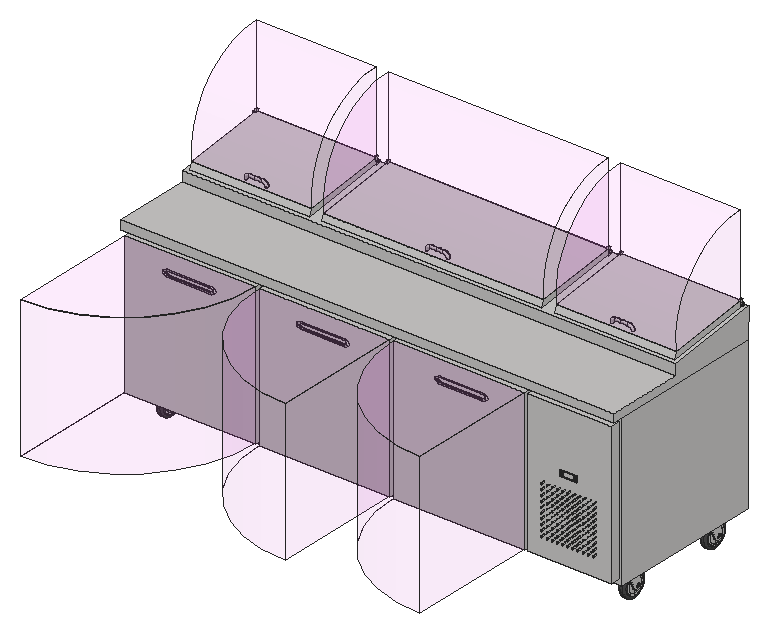
Revit family "QF_Kelvinator_738254_KCHPT92.12_3-Door_Pizza_Prep_Table_94_Long", category Specialty Equipment, Revit 2021
Family settings
  Round Connector Dimension = Use Diameter
  Part Type = Normal
  Work Plane-Based = No
  Always vertical = Yes
  Cut with Voids When Loaded = No
  Shared = No
  Room Calculation Point = No
Parameters
  Weight in Pounds = 350.535
  Watts = 900 W
  Volts = 115 V
  URL Cutsheet = ""
  Specification by User = ""
  Specification by Manufacturer = ""
  Serial Number = ""
  Seismic Rating = ""
  SMACNA No = ""
  Revision Code = ""
  Refrigerant Type = "R290"
  Phase = 1
  Number of Poles = 1
  NAFEM Spec ID Number = ""
  Model = "738254 (KCHPT92.12)"
  Min Ckt Ampacity = 0 A
  Max Overcurrent Protection = 0 A
  Masterspec = ""
  Manufacturer = "Kelvinator Commercial"
  Length = 94 3/16"
  Item Number = "738254"
  Installed By = ""
  Identify Quantity as Lot = yes
  Height = 41 5/16"
  HP = "3/4"
  Furnished By = ""
  Foodservice Equipment Identifier = yes
  FL Amps = 5.5 A
  Electrical Remarks = ""
  Electric Connection Type = ""
  Elec Conn RI Height = 0"
  Elec Conn Connection Height = 0"
  Description = "3-Door Pizza Prep Table 94\" Long"
  Depth = 32 1/4"
  Default Elevation = 0"
  Cycle = 60 Hz
  Conn Plug = "5-15P"
  Conn Conduit = yes
  CSI MasterFormat = ""
  Apparent Power = 0 VA
Reference planes (in)
  plane 1 "BACK": y = 0
  plane 2: z = 0
  plane 3 "LEFT": x = 0
  plane 4 "RIGHT": x = 94.1875
  plane 5 "FRONT": y = -32.25
  plane 6 "TOP": z = 41.3125
  plane 7 "Center Y": x = 47.09375
  plane 8 "Center X": y = -16.125
Dimensions and locks (in)
  equal spacing: plane 3 "LEFT", plane 7 "Center Y", plane 4 "RIGHT"
  "Length": plane 3 "LEFT" to plane 4 "RIGHT"
  equal spacing: plane 5 "FRONT", plane 8 "Center X", plane 1 "BACK"
  "Depth": plane 5 "FRONT" to plane 1 "BACK"
  "Height": plane 6 "TOP" to level
  aligned and locked: level to plane 2
Nested families (in)
  nested 1: "KCHPT" at (0, 0, 0), type "KCHPT"
    with Show Clearance yes
Connectors (in)
  electrical at (47.1, -1.18418, 4.62235), driven by "Volts", driven by "Watts"
    settings: on nested 1, index 1, voltage 115 V, apparent load 900 VA, apparent load phase1 0 VA, apparent load phase2 0 VA, apparent load phase3 0 VA, power factor 1, load classification "Power", number of poles 1, system type 30, power factor state 1, is connector primary yes, connector utility no, sub classification motor no, connector description "Electrical Connection"
Definition of nested family "KCHPT"
  Parameters (values of type "KCHPT")
    Weight in Pounds = 0
    URL Cutsheet = ""
    Specification by User = ""
    Specification by Manufacturer = ""
    Show Clearance [instance] = yes
    Serial Number = ""
    Seismic Rating = ""
    SMACNA No = ""
    Revision Code = ""
    NAFEM Spec ID Number = ""
    Masterspec = ""
    Length = 94.2"
    Item Number = ""
    Installed By = ""
    Identify Quantity as Lot = yes
    Height = 41.53333"
    Furnished By = ""
    Foodservice Equipment Identifier = yes
    Depth = 32 1/4"
    Default Elevation = 0"
    CSI MasterFormat = ""
  Reference planes (in)
    plane 1 "BACK": y = 0
    plane 2: z = 0
    plane 3 "LEFT": x = 0
    plane 4 "RIGHT": x = 94.2
    plane 5 "FRONT": y = -32.25
    plane 6 "TOP": z = 41.53333
    plane 7 "Center Y": x = 47.1
    plane 8 "Center X": y = -16.125
    plane 9: y = -58.9
    plane 10: y = -17.4
    plane 11: z = 34.33333
    plane 12: z = 6.03333
    plane 13: z = 40.23333
    plane 14: z = 35.93333
    plane 15: z = 5.5
    plane 16: z = 33.58333
    plane 17: z = 6.78333
    plane 18: x = 68.09284
    plane 19: x = 93.39466
    plane 20: x = 70.49466
    plane 21: x = 25.99284
    plane 22: x = 52.60858
  Forms (in)
    Extrusion 1, solid
      sketch origin (0, 0, 0) x (0, 1, 0) y (0, 0, 1)
        loop
          line (0, 34.33333) -> (-30.25, 34.33333) -> (-30.25, 5.5) -> (0, 5.5) -> (0, 34.33333)
      from 0 to 94.2
    Extrusion 2, solid
      sketch origin (0.375, -30.25, 34.33333) x (0, 0, -1) y (1, 0, 0)
        loop
          line (0.95244, 77.29608) -> (27.85244, 77.29608) -> (27.85244, 93.24803) -> (0.95244, 93.24803) -> (0.95244, 77.29608)
      from 0 to 1.75
    Extrusion 3, solid
      sketch origin (0, 0, 0) x (0, 1, 0) y (0, 0, 1)
        loop
          line (0, 34.33333) -> (0, 40.23333) -> (-17.4, 37.93333) -> (-17.4, 35.93333) -> (-32.25, 35.93333) -> (-32.25, 34.33333) -> (0, 34.33333)
      from 0 to 94.2
    Extrusion 4, solid
      sketch origin (0, 0, 0) x (0, 1, 0) y (0, 0, 1)
        loop
          line (-0.60032, 40.15398) -> (-0.73136, 41.14536) -> (-16.125, 39.11057) -> (-16.62626, 38.03561) -> (-0.60032, 40.15398)
      from 25.99284 to 68.09284
    Extrusion 5, solid
      sketch origin (0, 0, 0) x (0, 1, 0) y (0, 0, 1)
        loop
          line (-0.71931, 41.05415) -> (-0.60032, 40.15398) -> (-0.44954, 40.17391) -> (-0.54253, 40.87737) -> (-0.71931, 41.05415)
      from 26.13338 to 67.9523
    Extrusion 6, solid
      sketch origin (68.86933, 0.25217, 0) x (0, 1, 0) y (0, 0, -1)
        loop
          line (-0.97921, -41.1126) -> (-0.60032, -40.15398) -> (-1.09601, -40.08846) -> (-1.22705, -41.07984)
          arc (-1.22705, -41.07984) -> (-1.21835, -41.30726) -> (-1.19211, -41.53333) r 2.94324
          line (-1.19211, -41.53333) -> (-1.13256, -41.43019) -> (-0.8358, -41.46663) -> (-0.73405, -41.36488) -> (-0.8734, -41.28204) -> (-0.90687, -41.27307)
          arc (-0.90687, -41.27307) -> (-0.93228, -41.2584) -> (-0.94695, -41.23299) r 0.05668
          line (-0.94695, -41.23299) -> (-0.97921, -41.1126)
      from 0.63594 to 0.91702
    Revolve 7, solid
      sketch origin (22.03906, -0.77601, 40.03126) x (0, 0, -1) y (1, 0, 0)
        loop
          line (-0.77646, 46.18906) -> (-0.77646, 46.56896) -> (-0.92809, 46.56896) -> (-0.92809, 46.53329) -> (-0.97864, 46.53329) -> (-0.97864, 46.18906) -> (-0.77646, 46.18906)
        axis (-0.77646, 46.18906) -> (-0.77646, 46.56896)
      angle from 0 to 360
    Sweep 8, solid
      path origin (11.60551, -16.94992, 54.53737) x (0, 0.113722, -0.993513) y (1, 0, 0)
        loop
          line (15.52754, 33.40625) -> (15.34004, 33.40625)
          arc (15.34004, 33.40625) -> (14.80971, 33.62592) -> (14.59004, 34.15625) r 0.75
          line (14.59004, 34.15625) -> (14.59004, 35.40625) -> (14.59004, 36.65625)
          arc (14.59004, 36.65625) -> (14.80971, 37.18658) -> (15.34004, 37.40625) r 0.75
          line (15.34004, 37.40625) -> (15.52754, 37.40625)
      profile origin (47.63676, -15.29071, 40.04198) x (0, -0.113722, 0.993513) y (0, -0.993513, -0.113722)
        loop
          circle (0, 0) r 0.25
    Extrusion 9, solid
      sketch origin (13.68617, -32, 12.93481) x (-1, 0, 0) y (0, 0, 1)
        loop
          line (-70.18783, 9.70772) -> (-73.33743, 9.70772) -> (-73.33743, 8.52662) -> (-70.18783, 8.52662) -> (-70.18783, 9.70772)
        loop
          line (-70.26657, 9.63107) -> (-70.66027, 9.63107) -> (-70.66027, 9.31193) -> (-70.26657, 9.31193) -> (-70.26657, 9.63107)
        loop
          line (-70.26657, 9.27674) -> (-70.66027, 9.27674) -> (-70.66027, 8.9576) -> (-70.26657, 8.9576) -> (-70.26657, 9.27674)
        loop
          line (-70.26657, 8.92241) -> (-70.66027, 8.92241) -> (-70.66027, 8.60327) -> (-70.26657, 8.60327) -> (-70.26657, 8.92241)
        loop
          line (-73.25869, 9.63107) -> (-73.25869, 9.31193) -> (-72.86499, 9.31193) -> (-72.86499, 9.63107) -> (-73.25869, 9.63107)
        loop
          line (-73.25869, 9.27674) -> (-73.25869, 8.9576) -> (-72.86499, 8.9576) -> (-72.86499, 9.27674) -> (-73.25869, 9.27674)
        loop
          line (-73.25869, 8.92241) -> (-73.25869, 8.60327) -> (-72.86499, 8.60327) -> (-72.86499, 8.92241) -> (-73.25869, 8.92241)
        loop
          line (-70.73775, 9.63107) -> (-72.78751, 9.63107) -> (-72.78751, 8.60716) -> (-70.73775, 8.60716) -> (-70.73775, 9.63107)
      from 0.07874 to -0.04602
    Extrusion 10, solid
      sketch origin (13.68617, -32.04602, 12.93481) x (1, 0, 0) y (0, 0, 1)
        loop
          line (72.86499, 9.63107) -> (72.86499, 9.31193) -> (73.25869, 9.31193) -> (73.25869, 9.63107) -> (72.86499, 9.63107)
        loop
          line (72.86499, 9.27674) -> (72.86499, 8.9576) -> (73.25869, 8.9576) -> (73.25869, 9.27674) -> (72.86499, 9.27674)
        loop
          line (72.86499, 8.92241) -> (72.86499, 8.60327) -> (73.25869, 8.60327) -> (73.25869, 8.92241) -> (72.86499, 8.92241)
        loop
          line (70.66027, 9.63107) -> (70.26657, 9.63107) -> (70.26657, 9.31193) -> (70.66027, 9.31193) -> (70.66027, 9.63107)
        loop
          line (70.66027, 9.27674) -> (70.26657, 9.27674) -> (70.26657, 8.9576) -> (70.66027, 8.9576) -> (70.66027, 9.27674)
        loop
          line (70.66027, 8.92241) -> (70.26657, 8.92241) -> (70.26657, 8.60327) -> (70.66027, 8.60327) -> (70.66027, 8.92241)
      from 0 to -0.07874
    Extrusion 11, solid
      sketch origin (13.68617, -32.04602, 12.93481) x (1, 0, 0) y (0, 0, 1)
        loop
          line (70.73775, 9.63107) -> (70.73775, 8.60716) -> (72.78751, 8.60716) -> (72.78751, 9.63107) -> (70.73775, 9.63107)
      from 0 to -0.07874
    Extrusion 12, void
      sketch origin (13.68617, -32, 12.93481) x (-1, 0, 0) y (0, 0, 1)
        loop
          line (-70.18783, 9.70772) -> (-73.33743, 9.70772) -> (-73.33743, 8.52662) -> (-70.18783, 8.52662) -> (-70.18783, 9.70772)
      from 0 to 0.07874
    Extrusion 13, void
      sketch origin (0.375, -32, 34.33333) x (0, 0, 1) y (1, 0, 0)
        loop
          line (-24.3519, 79.87324) -> (-23.82157, 80.40357)
          arc (-23.82157, 80.40357) -> (-23.82157, 80.61159) -> (-24.02959, 80.61159) r 0.1471
          line (-24.02959, 80.61159) -> (-24.55992, 80.08126)
          arc (-24.55992, 80.08126) -> (-24.55992, 79.87324) -> (-24.3519, 79.87324) r 0.1471
        loop
          line (-24.3519, 80.87324) -> (-23.82157, 81.40357)
          arc (-23.82157, 81.40357) -> (-23.82157, 81.61159) -> (-24.02959, 81.61159) r 0.1471
          line (-24.02959, 81.61159) -> (-24.55992, 81.08126)
          arc (-24.55992, 81.08126) -> (-24.55992, 80.87324) -> (-24.3519, 80.87324) r 0.1471
        loop
          line (-24.3519, 81.87324) -> (-23.82157, 82.40357)
          arc (-23.82157, 82.40357) -> (-23.82157, 82.61159) -> (-24.02959, 82.61159) r 0.1471
          line (-24.02959, 82.61159) -> (-24.55992, 82.08126)
          arc (-24.55992, 82.08126) -> (-24.55992, 81.87324) -> (-24.3519, 81.87324) r 0.1471
        loop
          line (-24.3519, 82.84199) -> (-23.82157, 83.37232)
          arc (-23.82157, 83.37232) -> (-23.82157, 83.58034) -> (-24.02959, 83.58034) r 0.1471
          line (-24.02959, 83.58034) -> (-24.55992, 83.05001)
          arc (-24.55992, 83.05001) -> (-24.55992, 82.84199) -> (-24.3519, 82.84199) r 0.1471
        loop
          line (-24.3519, 83.81074) -> (-23.82157, 84.34107)
          arc (-23.82157, 84.34107) -> (-23.82157, 84.54909) -> (-24.02959, 84.54909) r 0.1471
          line (-24.02959, 84.54909) -> (-24.55992, 84.01876)
          arc (-24.55992, 84.01876) -> (-24.55992, 83.81074) -> (-24.3519, 83.81074) r 0.1471
        loop
          line (-24.3519, 84.81074) -> (-23.82157, 85.34107)
          arc (-23.82157, 85.34107) -> (-23.82157, 85.54909) -> (-24.02959, 85.54909) r 0.1471
          line (-24.02959, 85.54909) -> (-24.55992, 85.01876)
          arc (-24.55992, 85.01876) -> (-24.55992, 84.81074) -> (-24.3519, 84.81074) r 0.1471
        loop
          line (-24.3519, 85.81074) -> (-23.82157, 86.34107)
          arc (-23.82157, 86.34107) -> (-23.82157, 86.54909) -> (-24.02959, 86.54909) r 0.1471
          line (-24.02959, 86.54909) -> (-24.55992, 86.01876)
          arc (-24.55992, 86.01876) -> (-24.55992, 85.81074) -> (-24.3519, 85.81074) r 0.1471
        loop
          line (-24.3519, 86.77949) -> (-23.82157, 87.30982)
          arc (-23.82157, 87.30982) -> (-23.82157, 87.51784) -> (-24.02959, 87.51784) r 0.1471
          line (-24.02959, 87.51784) -> (-24.55992, 86.98751)
          arc (-24.55992, 86.98751) -> (-24.55992, 86.77949) -> (-24.3519, 86.77949) r 0.1471
        loop
          line (-24.3519, 87.77949) -> (-23.82157, 88.30982)
          arc (-23.82157, 88.30982) -> (-23.82157, 88.51784) -> (-24.02959, 88.51784) r 0.1471
          line (-24.02959, 88.51784) -> (-24.55992, 87.98751)
          arc (-24.55992, 87.98751) -> (-24.55992, 87.77949) -> (-24.3519, 87.77949) r 0.1471
        loop
          line (-24.3519, 88.77949) -> (-23.82157, 89.30982)
          arc (-23.82157, 89.30982) -> (-23.82157, 89.51784) -> (-24.02959, 89.51784) r 0.1471
          line (-24.02959, 89.51784) -> (-24.55992, 88.98751)
          arc (-24.55992, 88.98751) -> (-24.55992, 88.77949) -> (-24.3519, 88.77949) r 0.1471
        loop
          line (-24.3519, 89.77949) -> (-23.82157, 90.30982)
          arc (-23.82157, 90.30982) -> (-23.82157, 90.51784) -> (-24.02959, 90.51784) r 0.1471
          line (-24.02959, 90.51784) -> (-24.55992, 89.98751)
          arc (-24.55992, 89.98751) -> (-24.55992, 89.77949) -> (-24.3519, 89.77949) r 0.1471
        loop
          line (-23.3519, 79.87324) -> (-22.82157, 80.40357)
          arc (-22.82157, 80.40357) -> (-22.82157, 80.61159) -> (-23.02959, 80.61159) r 0.1471
          line (-23.02959, 80.61159) -> (-23.55992, 80.08126)
          arc (-23.55992, 80.08126) -> (-23.55992, 79.87324) -> (-23.3519, 79.87324) r 0.1471
        loop
          line (-23.3519, 80.87324) -> (-22.82157, 81.40357)
          arc (-22.82157, 81.40357) -> (-22.82157, 81.61159) -> (-23.02959, 81.61159) r 0.1471
          line (-23.02959, 81.61159) -> (-23.55992, 81.08126)
          arc (-23.55992, 81.08126) -> (-23.55992, 80.87324) -> (-23.3519, 80.87324) r 0.1471
        loop
          line (-23.3519, 81.87324) -> (-22.82157, 82.40357)
          arc (-22.82157, 82.40357) -> (-22.82157, 82.61159) -> (-23.02959, 82.61159) r 0.1471
          line (-23.02959, 82.61159) -> (-23.55992, 82.08126)
          arc (-23.55992, 82.08126) -> (-23.55992, 81.87324) -> (-23.3519, 81.87324) r 0.1471
        loop
          line (-23.3519, 82.84199) -> (-22.82157, 83.37232)
          arc (-22.82157, 83.37232) -> (-22.82157, 83.58034) -> (-23.02959, 83.58034) r 0.1471
          line (-23.02959, 83.58034) -> (-23.55992, 83.05001)
          arc (-23.55992, 83.05001) -> (-23.55992, 82.84199) -> (-23.3519, 82.84199) r 0.1471
        loop
          line (-23.3519, 83.81074) -> (-22.82157, 84.34107)
          arc (-22.82157, 84.34107) -> (-22.82157, 84.54909) -> (-23.02959, 84.54909) r 0.1471
          line (-23.02959, 84.54909) -> (-23.55992, 84.01876)
          arc (-23.55992, 84.01876) -> (-23.55992, 83.81074) -> (-23.3519, 83.81074) r 0.1471
        loop
          line (-23.3519, 84.81074) -> (-22.82157, 85.34107)
          arc (-22.82157, 85.34107) -> (-22.82157, 85.54909) -> (-23.02959, 85.54909) r 0.1471
          line (-23.02959, 85.54909) -> (-23.55992, 85.01876)
          arc (-23.55992, 85.01876) -> (-23.55992, 84.81074) -> (-23.3519, 84.81074) r 0.1471
        loop
          line (-23.3519, 85.81074) -> (-22.82157, 86.34107)
          arc (-22.82157, 86.34107) -> (-22.82157, 86.54909) -> (-23.02959, 86.54909) r 0.1471
          line (-23.02959, 86.54909) -> (-23.55992, 86.01876)
          arc (-23.55992, 86.01876) -> (-23.55992, 85.81074) -> (-23.3519, 85.81074) r 0.1471
        loop
          line (-23.3519, 86.77949) -> (-22.82157, 87.30982)
          arc (-22.82157, 87.30982) -> (-22.82157, 87.51784) -> (-23.02959, 87.51784) r 0.1471
          line (-23.02959, 87.51784) -> (-23.55992, 86.98751)
          arc (-23.55992, 86.98751) -> (-23.55992, 86.77949) -> (-23.3519, 86.77949) r 0.1471
        loop
          line (-23.3519, 87.77949) -> (-22.82157, 88.30982)
          arc (-22.82157, 88.30982) -> (-22.82157, 88.51784) -> (-23.02959, 88.51784) r 0.1471
          line (-23.02959, 88.51784) -> (-23.55992, 87.98751)
          arc (-23.55992, 87.98751) -> (-23.55992, 87.77949) -> (-23.3519, 87.77949) r 0.1471
        loop
          line (-23.3519, 88.77949) -> (-22.82157, 89.30982)
          arc (-22.82157, 89.30982) -> (-22.82157, 89.51784) -> (-23.02959, 89.51784) r 0.1471
          line (-23.02959, 89.51784) -> (-23.55992, 88.98751)
          arc (-23.55992, 88.98751) -> (-23.55992, 88.77949) -> (-23.3519, 88.77949) r 0.1471
        loop
          line (-23.3519, 89.77949) -> (-22.82157, 90.30982)
          arc (-22.82157, 90.30982) -> (-22.82157, 90.51784) -> (-23.02959, 90.51784) r 0.1471
          line (-23.02959, 90.51784) -> (-23.55992, 89.98751)
          arc (-23.55992, 89.98751) -> (-23.55992, 89.77949) -> (-23.3519, 89.77949) r 0.1471
        loop
          line (-22.3519, 79.87324) -> (-21.82157, 80.40357)
          arc (-21.82157, 80.40357) -> (-21.82157, 80.61159) -> (-22.02959, 80.61159) r 0.1471
          line (-22.02959, 80.61159) -> (-22.55992, 80.08126)
          arc (-22.55992, 80.08126) -> (-22.55992, 79.87324) -> (-22.3519, 79.87324) r 0.1471
        loop
          line (-22.3519, 80.87324) -> (-21.82157, 81.40357)
          arc (-21.82157, 81.40357) -> (-21.82157, 81.61159) -> (-22.02959, 81.61159) r 0.1471
          line (-22.02959, 81.61159) -> (-22.55992, 81.08126)
          arc (-22.55992, 81.08126) -> (-22.55992, 80.87324) -> (-22.3519, 80.87324) r 0.1471
        loop
          line (-22.3519, 81.87324) -> (-21.82157, 82.40357)
          arc (-21.82157, 82.40357) -> (-21.82157, 82.61159) -> (-22.02959, 82.61159) r 0.1471
          line (-22.02959, 82.61159) -> (-22.55992, 82.08126)
          arc (-22.55992, 82.08126) -> (-22.55992, 81.87324) -> (-22.3519, 81.87324) r 0.1471
        loop
          line (-22.3519, 82.84199) -> (-21.82157, 83.37232)
          arc (-21.82157, 83.37232) -> (-21.82157, 83.58034) -> (-22.02959, 83.58034) r 0.1471
          line (-22.02959, 83.58034) -> (-22.55992, 83.05001)
          arc (-22.55992, 83.05001) -> (-22.55992, 82.84199) -> (-22.3519, 82.84199) r 0.1471
        loop
          line (-22.3519, 83.81074) -> (-21.82157, 84.34107)
          arc (-21.82157, 84.34107) -> (-21.82157, 84.54909) -> (-22.02959, 84.54909) r 0.1471
          line (-22.02959, 84.54909) -> (-22.55992, 84.01876)
          arc (-22.55992, 84.01876) -> (-22.55992, 83.81074) -> (-22.3519, 83.81074) r 0.1471
        loop
          line (-22.3519, 84.81074) -> (-21.82157, 85.34107)
          arc (-21.82157, 85.34107) -> (-21.82157, 85.54909) -> (-22.02959, 85.54909) r 0.1471
          line (-22.02959, 85.54909) -> (-22.55992, 85.01876)
          arc (-22.55992, 85.01876) -> (-22.55992, 84.81074) -> (-22.3519, 84.81074) r 0.1471
        loop
          line (-22.3519, 85.81074) -> (-21.82157, 86.34107)
          arc (-21.82157, 86.34107) -> (-21.82157, 86.54909) -> (-22.02959, 86.54909) r 0.1471
          line (-22.02959, 86.54909) -> (-22.55992, 86.01876)
          arc (-22.55992, 86.01876) -> (-22.55992, 85.81074) -> (-22.3519, 85.81074) r 0.1471
        loop
          line (-22.3519, 86.77949) -> (-21.82157, 87.30982)
          arc (-21.82157, 87.30982) -> (-21.82157, 87.51784) -> (-22.02959, 87.51784) r 0.1471
          line (-22.02959, 87.51784) -> (-22.55992, 86.98751)
          arc (-22.55992, 86.98751) -> (-22.55992, 86.77949) -> (-22.3519, 86.77949) r 0.1471
        loop
          line (-22.3519, 87.77949) -> (-21.82157, 88.30982)
          arc (-21.82157, 88.30982) -> (-21.82157, 88.51784) -> (-22.02959, 88.51784) r 0.1471
          line (-22.02959, 88.51784) -> (-22.55992, 87.98751)
          arc (-22.55992, 87.98751) -> (-22.55992, 87.77949) -> (-22.3519, 87.77949) r 0.1471
        loop
          line (-22.3519, 88.77949) -> (-21.82157, 89.30982)
          arc (-21.82157, 89.30982) -> (-21.82157, 89.51784) -> (-22.02959, 89.51784) r 0.1471
          line (-22.02959, 89.51784) -> (-22.55992, 88.98751)
          arc (-22.55992, 88.98751) -> (-22.55992, 88.77949) -> (-22.3519, 88.77949) r 0.1471
        loop
          line (-22.3519, 89.77949) -> (-21.82157, 90.30982)
          arc (-21.82157, 90.30982) -> (-21.82157, 90.51784) -> (-22.02959, 90.51784) r 0.1471
          line (-22.02959, 90.51784) -> (-22.55992, 89.98751)
          arc (-22.55992, 89.98751) -> (-22.55992, 89.77949) -> (-22.3519, 89.77949) r 0.1471
        loop
          line (-21.3519, 79.87324) -> (-20.82157, 80.40357)
          arc (-20.82157, 80.40357) -> (-20.82157, 80.61159) -> (-21.02959, 80.61159) r 0.1471
          line (-21.02959, 80.61159) -> (-21.55992, 80.08126)
          arc (-21.55992, 80.08126) -> (-21.55992, 79.87324) -> (-21.3519, 79.87324) r 0.1471
        loop
          line (-21.3519, 80.87324) -> (-20.82157, 81.40357)
          arc (-20.82157, 81.40357) -> (-20.82157, 81.61159) -> (-21.02959, 81.61159) r 0.1471
          line (-21.02959, 81.61159) -> (-21.55992, 81.08126)
          arc (-21.55992, 81.08126) -> (-21.55992, 80.87324) -> (-21.3519, 80.87324) r 0.1471
        loop
          line (-21.3519, 81.87324) -> (-20.82157, 82.40357)
          arc (-20.82157, 82.40357) -> (-20.82157, 82.61159) -> (-21.02959, 82.61159) r 0.1471
          line (-21.02959, 82.61159) -> (-21.55992, 82.08126)
          arc (-21.55992, 82.08126) -> (-21.55992, 81.87324) -> (-21.3519, 81.87324) r 0.1471
        loop
          line (-21.3519, 82.84199) -> (-20.82157, 83.37232)
          arc (-20.82157, 83.37232) -> (-20.82157, 83.58034) -> (-21.02959, 83.58034) r 0.1471
          line (-21.02959, 83.58034) -> (-21.55992, 83.05001)
          arc (-21.55992, 83.05001) -> (-21.55992, 82.84199) -> (-21.3519, 82.84199) r 0.1471
        loop
          line (-21.3519, 83.81074) -> (-20.82157, 84.34107)
          arc (-20.82157, 84.34107) -> (-20.82157, 84.54909) -> (-21.02959, 84.54909) r 0.1471
          line (-21.02959, 84.54909) -> (-21.55992, 84.01876)
          arc (-21.55992, 84.01876) -> (-21.55992, 83.81074) -> (-21.3519, 83.81074) r 0.1471
        loop
          line (-21.3519, 84.81074) -> (-20.82157, 85.34107)
          arc (-20.82157, 85.34107) -> (-20.82157, 85.54909) -> (-21.02959, 85.54909) r 0.1471
          line (-21.02959, 85.54909) -> (-21.55992, 85.01876)
          arc (-21.55992, 85.01876) -> (-21.55992, 84.81074) -> (-21.3519, 84.81074) r 0.1471
        loop
          line (-21.3519, 85.81074) -> (-20.82157, 86.34107)
          arc (-20.82157, 86.34107) -> (-20.82157, 86.54909) -> (-21.02959, 86.54909) r 0.1471
          line (-21.02959, 86.54909) -> (-21.55992, 86.01876)
          arc (-21.55992, 86.01876) -> (-21.55992, 85.81074) -> (-21.3519, 85.81074) r 0.1471
        loop
          line (-21.3519, 86.77949) -> (-20.82157, 87.30982)
          arc (-20.82157, 87.30982) -> (-20.82157, 87.51784) -> (-21.02959, 87.51784) r 0.1471
          line (-21.02959, 87.51784) -> (-21.55992, 86.98751)
          arc (-21.55992, 86.98751) -> (-21.55992, 86.77949) -> (-21.3519, 86.77949) r 0.1471
        loop
          line (-21.3519, 87.77949) -> (-20.82157, 88.30982)
          arc (-20.82157, 88.30982) -> (-20.82157, 88.51784) -> (-21.02959, 88.51784) r 0.1471
          line (-21.02959, 88.51784) -> (-21.55992, 87.98751)
          arc (-21.55992, 87.98751) -> (-21.55992, 87.77949) -> (-21.3519, 87.77949) r 0.1471
        loop
          line (-21.3519, 88.77949) -> (-20.82157, 89.30982)
          arc (-20.82157, 89.30982) -> (-20.82157, 89.51784) -> (-21.02959, 89.51784) r 0.1471
          line (-21.02959, 89.51784) -> (-21.55992, 88.98751)
          arc (-21.55992, 88.98751) -> (-21.55992, 88.77949) -> (-21.3519, 88.77949) r 0.1471
        loop
          line (-21.3519, 89.77949) -> (-20.82157, 90.30982)
          arc (-20.82157, 90.30982) -> (-20.82157, 90.51784) -> (-21.02959, 90.51784) r 0.1471
          line (-21.02959, 90.51784) -> (-21.55992, 89.98751)
          arc (-21.55992, 89.98751) -> (-21.55992, 89.77949) -> (-21.3519, 89.77949) r 0.1471
        loop
          line (-20.3519, 79.87324) -> (-19.82157, 80.40357)
          arc (-19.82157, 80.40357) -> (-19.82157, 80.61159) -> (-20.02959, 80.61159) r 0.1471
          line (-20.02959, 80.61159) -> (-20.55992, 80.08126)
          arc (-20.55992, 80.08126) -> (-20.55992, 79.87324) -> (-20.3519, 79.87324) r 0.1471
        loop
          line (-20.3519, 80.87324) -> (-19.82157, 81.40357)
          arc (-19.82157, 81.40357) -> (-19.82157, 81.61159) -> (-20.02959, 81.61159) r 0.1471
          line (-20.02959, 81.61159) -> (-20.55992, 81.08126)
          arc (-20.55992, 81.08126) -> (-20.55992, 80.87324) -> (-20.3519, 80.87324) r 0.1471
        loop
          line (-20.3519, 81.87324) -> (-19.82157, 82.40357)
          arc (-19.82157, 82.40357) -> (-19.82157, 82.61159) -> (-20.02959, 82.61159) r 0.1471
          line (-20.02959, 82.61159) -> (-20.55992, 82.08126)
          arc (-20.55992, 82.08126) -> (-20.55992, 81.87324) -> (-20.3519, 81.87324) r 0.1471
        loop
          line (-20.3519, 82.84199) -> (-19.82157, 83.37232)
          arc (-19.82157, 83.37232) -> (-19.82157, 83.58034) -> (-20.02959, 83.58034) r 0.1471
          line (-20.02959, 83.58034) -> (-20.55992, 83.05001)
          arc (-20.55992, 83.05001) -> (-20.55992, 82.84199) -> (-20.3519, 82.84199) r 0.1471
        loop
          line (-20.3519, 83.81074) -> (-19.82157, 84.34107)
          arc (-19.82157, 84.34107) -> (-19.82157, 84.54909) -> (-20.02959, 84.54909) r 0.1471
          line (-20.02959, 84.54909) -> (-20.55992, 84.01876)
          arc (-20.55992, 84.01876) -> (-20.55992, 83.81074) -> (-20.3519, 83.81074) r 0.1471
        loop
          line (-20.3519, 84.81074) -> (-19.82157, 85.34107)
          arc (-19.82157, 85.34107) -> (-19.82157, 85.54909) -> (-20.02959, 85.54909) r 0.1471
          line (-20.02959, 85.54909) -> (-20.55992, 85.01876)
          arc (-20.55992, 85.01876) -> (-20.55992, 84.81074) -> (-20.3519, 84.81074) r 0.1471
        loop
          line (-20.3519, 85.81074) -> (-19.82157, 86.34107)
          arc (-19.82157, 86.34107) -> (-19.82157, 86.54909) -> (-20.02959, 86.54909) r 0.1471
          line (-20.02959, 86.54909) -> (-20.55992, 86.01876)
          arc (-20.55992, 86.01876) -> (-20.55992, 85.81074) -> (-20.3519, 85.81074) r 0.1471
        loop
          line (-20.3519, 86.77949) -> (-19.82157, 87.30982)
          arc (-19.82157, 87.30982) -> (-19.82157, 87.51784) -> (-20.02959, 87.51784) r 0.1471
          line (-20.02959, 87.51784) -> (-20.55992, 86.98751)
          arc (-20.55992, 86.98751) -> (-20.55992, 86.77949) -> (-20.3519, 86.77949) r 0.1471
        loop
          line (-20.3519, 87.77949) -> (-19.82157, 88.30982)
          arc (-19.82157, 88.30982) -> (-19.82157, 88.51784) -> (-20.02959, 88.51784) r 0.1471
          line (-20.02959, 88.51784) -> (-20.55992, 87.98751)
          arc (-20.55992, 87.98751) -> (-20.55992, 87.77949) -> (-20.3519, 87.77949) r 0.1471
        loop
          line (-20.3519, 88.77949) -> (-19.82157, 89.30982)
          arc (-19.82157, 89.30982) -> (-19.82157, 89.51784) -> (-20.02959, 89.51784) r 0.1471
          line (-20.02959, 89.51784) -> (-20.55992, 88.98751)
          arc (-20.55992, 88.98751) -> (-20.55992, 88.77949) -> (-20.3519, 88.77949) r 0.1471
        loop
          line (-20.3519, 89.77949) -> (-19.82157, 90.30982)
          arc (-19.82157, 90.30982) -> (-19.82157, 90.51784) -> (-20.02959, 90.51784) r 0.1471
          line (-20.02959, 90.51784) -> (-20.55992, 89.98751)
          arc (-20.55992, 89.98751) -> (-20.55992, 89.77949) -> (-20.3519, 89.77949) r 0.1471
        loop
          line (-19.3519, 79.87324) -> (-18.82157, 80.40357)
          arc (-18.82157, 80.40357) -> (-18.82157, 80.61159) -> (-19.02959, 80.61159) r 0.1471
          line (-19.02959, 80.61159) -> (-19.55992, 80.08126)
          arc (-19.55992, 80.08126) -> (-19.55992, 79.87324) -> (-19.3519, 79.87324) r 0.1471
        loop
          line (-19.3519, 80.87324) -> (-18.82157, 81.40357)
          arc (-18.82157, 81.40357) -> (-18.82157, 81.61159) -> (-19.02959, 81.61159) r 0.1471
          line (-19.02959, 81.61159) -> (-19.55992, 81.08126)
          arc (-19.55992, 81.08126) -> (-19.55992, 80.87324) -> (-19.3519, 80.87324) r 0.1471
        loop
          line (-19.3519, 81.87324) -> (-18.82157, 82.40357)
          arc (-18.82157, 82.40357) -> (-18.82157, 82.61159) -> (-19.02959, 82.61159) r 0.1471
          line (-19.02959, 82.61159) -> (-19.55992, 82.08126)
          arc (-19.55992, 82.08126) -> (-19.55992, 81.87324) -> (-19.3519, 81.87324) r 0.1471
        loop
          line (-19.3519, 82.84199) -> (-18.82157, 83.37232)
          arc (-18.82157, 83.37232) -> (-18.82157, 83.58034) -> (-19.02959, 83.58034) r 0.1471
          line (-19.02959, 83.58034) -> (-19.55992, 83.05001)
          arc (-19.55992, 83.05001) -> (-19.55992, 82.84199) -> (-19.3519, 82.84199) r 0.1471
        loop
          line (-19.3519, 83.81074) -> (-18.82157, 84.34107)
          arc (-18.82157, 84.34107) -> (-18.82157, 84.54909) -> (-19.02959, 84.54909) r 0.1471
          line (-19.02959, 84.54909) -> (-19.55992, 84.01876)
          arc (-19.55992, 84.01876) -> (-19.55992, 83.81074) -> (-19.3519, 83.81074) r 0.1471
        loop
          line (-19.3519, 84.81074) -> (-18.82157, 85.34107)
          arc (-18.82157, 85.34107) -> (-18.82157, 85.54909) -> (-19.02959, 85.54909) r 0.1471
          line (-19.02959, 85.54909) -> (-19.55992, 85.01876)
          arc (-19.55992, 85.01876) -> (-19.55992, 84.81074) -> (-19.3519, 84.81074) r 0.1471
        loop
          line (-19.3519, 85.81074) -> (-18.82157, 86.34107)
          arc (-18.82157, 86.34107) -> (-18.82157, 86.54909) -> (-19.02959, 86.54909) r 0.1471
          line (-19.02959, 86.54909) -> (-19.55992, 86.01876)
          arc (-19.55992, 86.01876) -> (-19.55992, 85.81074) -> (-19.3519, 85.81074) r 0.1471
        loop
          line (-19.3519, 86.77949) -> (-18.82157, 87.30982)
          arc (-18.82157, 87.30982) -> (-18.82157, 87.51784) -> (-19.02959, 87.51784) r 0.1471
          line (-19.02959, 87.51784) -> (-19.55992, 86.98751)
          arc (-19.55992, 86.98751) -> (-19.55992, 86.77949) -> (-19.3519, 86.77949) r 0.1471
        loop
          line (-19.3519, 87.77949) -> (-18.82157, 88.30982)
          arc (-18.82157, 88.30982) -> (-18.82157, 88.51784) -> (-19.02959, 88.51784) r 0.1471
          line (-19.02959, 88.51784) -> (-19.55992, 87.98751)
          arc (-19.55992, 87.98751) -> (-19.55992, 87.77949) -> (-19.3519, 87.77949) r 0.1471
        loop
          line (-19.3519, 88.77949) -> (-18.82157, 89.30982)
          arc (-18.82157, 89.30982) -> (-18.82157, 89.51784) -> (-19.02959, 89.51784) r 0.1471
          line (-19.02959, 89.51784) -> (-19.55992, 88.98751)
          arc (-19.55992, 88.98751) -> (-19.55992, 88.77949) -> (-19.3519, 88.77949) r 0.1471
        loop
          line (-19.3519, 89.77949) -> (-18.82157, 90.30982)
          arc (-18.82157, 90.30982) -> (-18.82157, 90.51784) -> (-19.02959, 90.51784) r 0.1471
          line (-19.02959, 90.51784) -> (-19.55992, 89.98751)
          arc (-19.55992, 89.98751) -> (-19.55992, 89.77949) -> (-19.3519, 89.77949) r 0.1471
        loop
          line (-18.3519, 79.87324) -> (-17.82157, 80.40357)
          arc (-17.82157, 80.40357) -> (-17.82157, 80.61159) -> (-18.02959, 80.61159) r 0.1471
          line (-18.02959, 80.61159) -> (-18.55992, 80.08126)
          arc (-18.55992, 80.08126) -> (-18.55992, 79.87324) -> (-18.3519, 79.87324) r 0.1471
        loop
          line (-18.3519, 80.87324) -> (-17.82157, 81.40357)
          arc (-17.82157, 81.40357) -> (-17.82157, 81.61159) -> (-18.02959, 81.61159) r 0.1471
          line (-18.02959, 81.61159) -> (-18.55992, 81.08126)
          arc (-18.55992, 81.08126) -> (-18.55992, 80.87324) -> (-18.3519, 80.87324) r 0.1471
        loop
          line (-18.3519, 81.87324) -> (-17.82157, 82.40357)
          arc (-17.82157, 82.40357) -> (-17.82157, 82.61159) -> (-18.02959, 82.61159) r 0.1471
          line (-18.02959, 82.61159) -> (-18.55992, 82.08126)
          arc (-18.55992, 82.08126) -> (-18.55992, 81.87324) -> (-18.3519, 81.87324) r 0.1471
        loop
          line (-18.3519, 82.84199) -> (-17.82157, 83.37232)
          arc (-17.82157, 83.37232) -> (-17.82157, 83.58034) -> (-18.02959, 83.58034) r 0.1471
          line (-18.02959, 83.58034) -> (-18.55992, 83.05001)
          arc (-18.55992, 83.05001) -> (-18.55992, 82.84199) -> (-18.3519, 82.84199) r 0.1471
        loop
          line (-18.3519, 83.81074) -> (-17.82157, 84.34107)
          arc (-17.82157, 84.34107) -> (-17.82157, 84.54909) -> (-18.02959, 84.54909) r 0.1471
          line (-18.02959, 84.54909) -> (-18.55992, 84.01876)
          arc (-18.55992, 84.01876) -> (-18.55992, 83.81074) -> (-18.3519, 83.81074) r 0.1471
        loop
          line (-18.3519, 84.81074) -> (-17.82157, 85.34107)
          arc (-17.82157, 85.34107) -> (-17.82157, 85.54909) -> (-18.02959, 85.54909) r 0.1471
          line (-18.02959, 85.54909) -> (-18.55992, 85.01876)
          arc (-18.55992, 85.01876) -> (-18.55992, 84.81074) -> (-18.3519, 84.81074) r 0.1471
        loop
          line (-18.3519, 85.81074) -> (-17.82157, 86.34107)
          arc (-17.82157, 86.34107) -> (-17.82157, 86.54909) -> (-18.02959, 86.54909) r 0.1471
          line (-18.02959, 86.54909) -> (-18.55992, 86.01876)
          arc (-18.55992, 86.01876) -> (-18.55992, 85.81074) -> (-18.3519, 85.81074) r 0.1471
        loop
          line (-18.3519, 86.77949) -> (-17.82157, 87.30982)
          arc (-17.82157, 87.30982) -> (-17.82157, 87.51784) -> (-18.02959, 87.51784) r 0.1471
          line (-18.02959, 87.51784) -> (-18.55992, 86.98751)
          arc (-18.55992, 86.98751) -> (-18.55992, 86.77949) -> (-18.3519, 86.77949) r 0.1471
        loop
          line (-18.3519, 87.77949) -> (-17.82157, 88.30982)
          arc (-17.82157, 88.30982) -> (-17.82157, 88.51784) -> (-18.02959, 88.51784) r 0.1471
          line (-18.02959, 88.51784) -> (-18.55992, 87.98751)
          arc (-18.55992, 87.98751) -> (-18.55992, 87.77949) -> (-18.3519, 87.77949) r 0.1471
        loop
          line (-18.3519, 88.77949) -> (-17.82157, 89.30982)
          arc (-17.82157, 89.30982) -> (-17.82157, 89.51784) -> (-18.02959, 89.51784) r 0.1471
          line (-18.02959, 89.51784) -> (-18.55992, 88.98751)
          arc (-18.55992, 88.98751) -> (-18.55992, 88.77949) -> (-18.3519, 88.77949) r 0.1471
        loop
          line (-18.3519, 89.77949) -> (-17.82157, 90.30982)
          arc (-17.82157, 90.30982) -> (-17.82157, 90.51784) -> (-18.02959, 90.51784) r 0.1471
          line (-18.02959, 90.51784) -> (-18.55992, 89.98751)
          arc (-18.55992, 89.98751) -> (-18.55992, 89.77949) -> (-18.3519, 89.77949) r 0.1471
        loop
          line (-17.3519, 79.87324) -> (-16.82157, 80.40357)
          arc (-16.82157, 80.40357) -> (-16.82157, 80.61159) -> (-17.02959, 80.61159) r 0.1471
          line (-17.02959, 80.61159) -> (-17.55992, 80.08126)
          arc (-17.55992, 80.08126) -> (-17.55992, 79.87324) -> (-17.3519, 79.87324) r 0.1471
        loop
          line (-17.3519, 80.87324) -> (-16.82157, 81.40357)
          arc (-16.82157, 81.40357) -> (-16.82157, 81.61159) -> (-17.02959, 81.61159) r 0.1471
          line (-17.02959, 81.61159) -> (-17.55992, 81.08126)
          arc (-17.55992, 81.08126) -> (-17.55992, 80.87324) -> (-17.3519, 80.87324) r 0.1471
        loop
          line (-17.3519, 81.87324) -> (-16.82157, 82.40357)
          arc (-16.82157, 82.40357) -> (-16.82157, 82.61159) -> (-17.02959, 82.61159) r 0.1471
          line (-17.02959, 82.61159) -> (-17.55992, 82.08126)
          arc (-17.55992, 82.08126) -> (-17.55992, 81.87324) -> (-17.3519, 81.87324) r 0.1471
        loop
          line (-17.3519, 82.84199) -> (-16.82157, 83.37232)
          arc (-16.82157, 83.37232) -> (-16.82157, 83.58034) -> (-17.02959, 83.58034) r 0.1471
          line (-17.02959, 83.58034) -> (-17.55992, 83.05001)
          arc (-17.55992, 83.05001) -> (-17.55992, 82.84199) -> (-17.3519, 82.84199) r 0.1471
        loop
          line (-17.3519, 83.81074) -> (-16.82157, 84.34107)
          arc (-16.82157, 84.34107) -> (-16.82157, 84.54909) -> (-17.02959, 84.54909) r 0.1471
          line (-17.02959, 84.54909) -> (-17.55992, 84.01876)
          arc (-17.55992, 84.01876) -> (-17.55992, 83.81074) -> (-17.3519, 83.81074) r 0.1471
        loop
          line (-17.3519, 84.81074) -> (-16.82157, 85.34107)
          arc (-16.82157, 85.34107) -> (-16.82157, 85.54909) -> (-17.02959, 85.54909) r 0.1471
          line (-17.02959, 85.54909) -> (-17.55992, 85.01876)
          arc (-17.55992, 85.01876) -> (-17.55992, 84.81074) -> (-17.3519, 84.81074) r 0.1471
        loop
          line (-17.3519, 85.81074) -> (-16.82157, 86.34107)
          arc (-16.82157, 86.34107) -> (-16.82157, 86.54909) -> (-17.02959, 86.54909) r 0.1471
          line (-17.02959, 86.54909) -> (-17.55992, 86.01876)
          arc (-17.55992, 86.01876) -> (-17.55992, 85.81074) -> (-17.3519, 85.81074) r 0.1471
        loop
          line (-17.3519, 86.77949) -> (-16.82157, 87.30982)
          arc (-16.82157, 87.30982) -> (-16.82157, 87.51784) -> (-17.02959, 87.51784) r 0.1471
          line (-17.02959, 87.51784) -> (-17.55992, 86.98751)
          arc (-17.55992, 86.98751) -> (-17.55992, 86.77949) -> (-17.3519, 86.77949) r 0.1471
        loop
          line (-17.3519, 87.77949) -> (-16.82157, 88.30982)
          arc (-16.82157, 88.30982) -> (-16.82157, 88.51784) -> (-17.02959, 88.51784) r 0.1471
          line (-17.02959, 88.51784) -> (-17.55992, 87.98751)
          arc (-17.55992, 87.98751) -> (-17.55992, 87.77949) -> (-17.3519, 87.77949) r 0.1471
        loop
          line (-17.3519, 88.77949) -> (-16.82157, 89.30982)
          arc (-16.82157, 89.30982) -> (-16.82157, 89.51784) -> (-17.02959, 89.51784) r 0.1471
          line (-17.02959, 89.51784) -> (-17.55992, 88.98751)
          arc (-17.55992, 88.98751) -> (-17.55992, 88.77949) -> (-17.3519, 88.77949) r 0.1471
        loop
          line (-17.3519, 89.77949) -> (-16.82157, 90.30982)
          arc (-16.82157, 90.30982) -> (-16.82157, 90.51784) -> (-17.02959, 90.51784) r 0.1471
          line (-17.02959, 90.51784) -> (-17.55992, 89.98751)
          arc (-17.55992, 89.98751) -> (-17.55992, 89.77949) -> (-17.3519, 89.77949) r 0.1471
        loop
          line (-16.3519, 79.87324) -> (-15.82157, 80.40357)
          arc (-15.82157, 80.40357) -> (-15.82157, 80.61159) -> (-16.02959, 80.61159) r 0.1471
          line (-16.02959, 80.61159) -> (-16.55992, 80.08126)
          arc (-16.55992, 80.08126) -> (-16.55992, 79.87324) -> (-16.3519, 79.87324) r 0.1471
        loop
          line (-16.3519, 80.87324) -> (-15.82157, 81.40357)
          arc (-15.82157, 81.40357) -> (-15.82157, 81.61159) -> (-16.02959, 81.61159) r 0.1471
          line (-16.02959, 81.61159) -> (-16.55992, 81.08126)
          arc (-16.55992, 81.08126) -> (-16.55992, 80.87324) -> (-16.3519, 80.87324) r 0.1471
        loop
          line (-16.3519, 81.87324) -> (-15.82157, 82.40357)
          arc (-15.82157, 82.40357) -> (-15.82157, 82.61159) -> (-16.02959, 82.61159) r 0.1471
          line (-16.02959, 82.61159) -> (-16.55992, 82.08126)
          arc (-16.55992, 82.08126) -> (-16.55992, 81.87324) -> (-16.3519, 81.87324) r 0.1471
        loop
          line (-16.3519, 82.84199) -> (-15.82157, 83.37232)
          arc (-15.82157, 83.37232) -> (-15.82157, 83.58034) -> (-16.02959, 83.58034) r 0.1471
          line (-16.02959, 83.58034) -> (-16.55992, 83.05001)
          arc (-16.55992, 83.05001) -> (-16.55992, 82.84199) -> (-16.3519, 82.84199) r 0.1471
        loop
          line (-16.3519, 83.81074) -> (-15.82157, 84.34107)
          arc (-15.82157, 84.34107) -> (-15.82157, 84.54909) -> (-16.02959, 84.54909) r 0.1471
          line (-16.02959, 84.54909) -> (-16.55992, 84.01876)
          arc (-16.55992, 84.01876) -> (-16.55992, 83.81074) -> (-16.3519, 83.81074) r 0.1471
        loop
          line (-16.3519, 84.81074) -> (-15.82157, 85.34107)
          arc (-15.82157, 85.34107) -> (-15.82157, 85.54909) -> (-16.02959, 85.54909) r 0.1471
          line (-16.02959, 85.54909) -> (-16.55992, 85.01876)
          arc (-16.55992, 85.01876) -> (-16.55992, 84.81074) -> (-16.3519, 84.81074) r 0.1471
        loop
          line (-16.3519, 85.81074) -> (-15.82157, 86.34107)
          arc (-15.82157, 86.34107) -> (-15.82157, 86.54909) -> (-16.02959, 86.54909) r 0.1471
          line (-16.02959, 86.54909) -> (-16.55992, 86.01876)
          arc (-16.55992, 86.01876) -> (-16.55992, 85.81074) -> (-16.3519, 85.81074) r 0.1471
        loop
          line (-16.3519, 86.77949) -> (-15.82157, 87.30982)
          arc (-15.82157, 87.30982) -> (-15.82157, 87.51784) -> (-16.02959, 87.51784) r 0.1471
          line (-16.02959, 87.51784) -> (-16.55992, 86.98751)
          arc (-16.55992, 86.98751) -> (-16.55992, 86.77949) -> (-16.3519, 86.77949) r 0.1471
        loop
          line (-16.3519, 87.77949) -> (-15.82157, 88.30982)
          arc (-15.82157, 88.30982) -> (-15.82157, 88.51784) -> (-16.02959, 88.51784) r 0.1471
          line (-16.02959, 88.51784) -> (-16.55992, 87.98751)
          arc (-16.55992, 87.98751) -> (-16.55992, 87.77949) -> (-16.3519, 87.77949) r 0.1471
        loop
          line (-16.3519, 88.77949) -> (-15.82157, 89.30982)
          arc (-15.82157, 89.30982) -> (-15.82157, 89.51784) -> (-16.02959, 89.51784) r 0.1471
          line (-16.02959, 89.51784) -> (-16.55992, 88.98751)
          arc (-16.55992, 88.98751) -> (-16.55992, 88.77949) -> (-16.3519, 88.77949) r 0.1471
        loop
          line (-16.3519, 89.77949) -> (-15.82157, 90.30982)
          arc (-15.82157, 90.30982) -> (-15.82157, 90.51784) -> (-16.02959, 90.51784) r 0.1471
          line (-16.02959, 90.51784) -> (-16.55992, 89.98751)
          arc (-16.55992, 89.98751) -> (-16.55992, 89.77949) -> (-16.3519, 89.77949) r 0.1471
        loop
          line (-15.3519, 79.87324) -> (-14.82157, 80.40357)
          arc (-14.82157, 80.40357) -> (-14.82157, 80.61159) -> (-15.02959, 80.61159) r 0.1471
          line (-15.02959, 80.61159) -> (-15.55992, 80.08126)
          arc (-15.55992, 80.08126) -> (-15.55992, 79.87324) -> (-15.3519, 79.87324) r 0.1471
        loop
          line (-15.3519, 80.87324) -> (-14.82157, 81.40357)
          arc (-14.82157, 81.40357) -> (-14.82157, 81.61159) -> (-15.02959, 81.61159) r 0.1471
          line (-15.02959, 81.61159) -> (-15.55992, 81.08126)
          arc (-15.55992, 81.08126) -> (-15.55992, 80.87324) -> (-15.3519, 80.87324) r 0.1471
        loop
          line (-15.3519, 81.87324) -> (-14.82157, 82.40357)
          arc (-14.82157, 82.40357) -> (-14.82157, 82.61159) -> (-15.02959, 82.61159) r 0.1471
          line (-15.02959, 82.61159) -> (-15.55992, 82.08126)
          arc (-15.55992, 82.08126) -> (-15.55992, 81.87324) -> (-15.3519, 81.87324) r 0.1471
        loop
          line (-15.3519, 82.84199) -> (-14.82157, 83.37232)
          arc (-14.82157, 83.37232) -> (-14.82157, 83.58034) -> (-15.02959, 83.58034) r 0.1471
          line (-15.02959, 83.58034) -> (-15.55992, 83.05001)
          arc (-15.55992, 83.05001) -> (-15.55992, 82.84199) -> (-15.3519, 82.84199) r 0.1471
        loop
          line (-15.3519, 83.81074) -> (-14.82157, 84.34107)
          arc (-14.82157, 84.34107) -> (-14.82157, 84.54909) -> (-15.02959, 84.54909) r 0.1471
          line (-15.02959, 84.54909) -> (-15.55992, 84.01876)
          arc (-15.55992, 84.01876) -> (-15.55992, 83.81074) -> (-15.3519, 83.81074) r 0.1471
        loop
          line (-15.3519, 84.81074) -> (-14.82157, 85.34107)
          arc (-14.82157, 85.34107) -> (-14.82157, 85.54909) -> (-15.02959, 85.54909) r 0.1471
          line (-15.02959, 85.54909) -> (-15.55992, 85.01876)
          arc (-15.55992, 85.01876) -> (-15.55992, 84.81074) -> (-15.3519, 84.81074) r 0.1471
        loop
          line (-15.3519, 85.81074) -> (-14.82157, 86.34107)
          arc (-14.82157, 86.34107) -> (-14.82157, 86.54909) -> (-15.02959, 86.54909) r 0.1471
          line (-15.02959, 86.54909) -> (-15.55992, 86.01876)
          arc (-15.55992, 86.01876) -> (-15.55992, 85.81074) -> (-15.3519, 85.81074) r 0.1471
        loop
          line (-15.3519, 86.77949) -> (-14.82157, 87.30982)
          arc (-14.82157, 87.30982) -> (-14.82157, 87.51784) -> (-15.02959, 87.51784) r 0.1471
          line (-15.02959, 87.51784) -> (-15.55992, 86.98751)
          arc (-15.55992, 86.98751) -> (-15.55992, 86.77949) -> (-15.3519, 86.77949) r 0.1471
        loop
          line (-15.3519, 87.77949) -> (-14.82157, 88.30982)
          arc (-14.82157, 88.30982) -> (-14.82157, 88.51784) -> (-15.02959, 88.51784) r 0.1471
          line (-15.02959, 88.51784) -> (-15.55992, 87.98751)
          arc (-15.55992, 87.98751) -> (-15.55992, 87.77949) -> (-15.3519, 87.77949) r 0.1471
        loop
          line (-15.3519, 88.77949) -> (-14.82157, 89.30982)
          arc (-14.82157, 89.30982) -> (-14.82157, 89.51784) -> (-15.02959, 89.51784) r 0.1471
          line (-15.02959, 89.51784) -> (-15.55992, 88.98751)
          arc (-15.55992, 88.98751) -> (-15.55992, 88.77949) -> (-15.3519, 88.77949) r 0.1471
        loop
          line (-15.3519, 89.77949) -> (-14.82157, 90.30982)
          arc (-14.82157, 90.30982) -> (-14.82157, 90.51784) -> (-15.02959, 90.51784) r 0.1471
          line (-15.02959, 90.51784) -> (-15.55992, 89.98751)
          arc (-15.55992, 89.98751) -> (-15.55992, 89.77949) -> (-15.3519, 89.77949) r 0.1471
      from 0 to 0.03
    Extrusion 14, solid
      sketch origin (-23.4125, 0, 5.5) x (-1, 0, 0) y (0, 1, 0)
        loop
          circle (-70.5125, -1.18418) r 0.25
      from 0 to 0.87765
    Extrusion 15, solid
      sketch origin (91.8125, 0, 0) x (0, 1, 0) y (0, 0, -1)
        loop
          line (-0.60032, -40.15398) -> (-16.62626, -38.03561) -> (-16.125, -39.11057) -> (-0.73136, -41.14536) -> (-0.60032, -40.15398)
      from -1.58216 to 21.31784
    Extrusion 16, solid
      sketch origin (91.8125, 0, 0) x (0, 1, 0) y (0, 0, -1)
        loop
          line (-0.71931, -41.05415) -> (-0.54253, -40.87737) -> (-0.44954, -40.17391) -> (-0.60032, -40.15398) -> (-0.71931, -41.05415)
      from -1.44162 to 21.1773
    Extrusion 17, solid
      sketch origin (94.17114, 0.25217, 0) x (0, 1, 0) y (0, 0, -1)
        loop
          line (-0.97921, -41.1126) -> (-0.60032, -40.15398) -> (-1.09601, -40.08846) -> (-1.22705, -41.07984)
          arc (-1.22705, -41.07984) -> (-1.21835, -41.30726) -> (-1.19211, -41.53333) r 2.94324
          line (-1.19211, -41.53333) -> (-1.13256, -41.43019) -> (-0.8358, -41.46663) -> (-0.73405, -41.36488) -> (-0.8734, -41.28204) -> (-0.90687, -41.27307)
          arc (-0.90687, -41.27307) -> (-0.93228, -41.2584) -> (-0.94695, -41.23299) r 0.05668
          line (-0.94695, -41.23299) -> (-0.97921, -41.1126)
      from 0.63594 to 0.91702
    Extrusion 18, solid
      sketch origin (69.71817, 0.25217, 0) x (0, 1, 0) y (0, 0, 1)
        loop
          line (-0.97921, 41.1126) -> (-0.94695, 41.23299)
          arc (-0.94695, 41.23299) -> (-0.93228, 41.2584) -> (-0.90687, 41.27307) r 0.05668
          line (-0.90687, 41.27307) -> (-0.8734, 41.28204) -> (-0.73405, 41.36488) -> (-0.8358, 41.46663) -> (-1.13256, 41.43019) -> (-1.19211, 41.53333)
          arc (-1.19211, 41.53333) -> (-1.21835, 41.30726) -> (-1.22705, 41.07984) r 2.94324
          line (-1.22705, 41.07984) -> (-1.09601, 40.08846) -> (-0.60032, 40.15398) -> (-0.97921, 41.1126)
      from 0.63594 to 0.91702
    Revolve 19, solid
      sketch origin (70.78364, -0.77601, 40.03126) x (0, 0, -1) y (1, 0, 0)
        loop
          line (-0.77646, 22.75156) -> (-0.77646, 23.13146) -> (-0.92809, 23.13146) -> (-0.92809, 23.09579) -> (-0.97864, 23.09579) -> (-0.97864, 22.75156) -> (-0.77646, 22.75156)
        axis (-0.77646, 22.75156) -> (-0.77646, 23.13146)
      angle from 0 to 360
    Revolve 20, solid
      sketch origin (69.77344, -0.77601, 40.03126) x (0, 0, -1) y (1, 0, 0)
        loop
          line (-0.77646, 0.58594) -> (-0.97864, 0.58594) -> (-0.97864, 0.24171) -> (-0.92809, 0.24171) -> (-0.92809, 0.20604) -> (-0.77646, 0.20604) -> (-0.77646, 0.58594)
        axis (-0.77646, 0.58594) -> (-0.77646, 0.20604)
      angle from 0 to 360
    Sweep 21, solid
      path origin (93.86393, -16.94992, 54.53737) x (0, 0.113722, -0.993513) y (1, 0, 0)
        loop
          line (15.52754, -9.51875) -> (15.34004, -9.51875)
          arc (15.34004, -9.51875) -> (14.80971, -9.73842) -> (14.59004, -10.26875) r 0.75
          line (14.59004, -10.26875) -> (14.59004, -11.51875) -> (14.59004, -12.76875)
          arc (14.59004, -12.76875) -> (14.80971, -13.29908) -> (15.34004, -13.51875) r 0.75
          line (15.34004, -13.51875) -> (15.52754, -13.51875)
      profile origin (81.72018, -15.29071, 40.04198) x (0, 0.113722, -0.993513) y (0, -0.993513, -0.113722)
        loop
          circle (0, 0) r 0.25
    Extrusion 22, solid
      sketch origin (25.21636, 0.25217, 0) x (0, 1, 0) y (0, 0, 1)
        loop
          line (-0.97921, 41.1126) -> (-0.94695, 41.23299)
          arc (-0.94695, 41.23299) -> (-0.93228, 41.2584) -> (-0.90687, 41.27307) r 0.05668
          line (-0.90687, 41.27307) -> (-0.8734, 41.28204) -> (-0.73405, 41.36488) -> (-0.8358, 41.46663) -> (-1.13256, 41.43019) -> (-1.19211, 41.53333)
          arc (-1.19211, 41.53333) -> (-1.21835, 41.30726) -> (-1.22705, 41.07984) r 2.94324
          line (-1.22705, 41.07984) -> (-1.09601, 40.08846) -> (-0.60032, 40.15398) -> (-0.97921, 41.1126)
      from 0.63594 to 0.91702
    Revolve 23, solid
      sketch origin (72.04662, -0.77601, 40.03126) x (0, 0, -1) y (1, 0, 0)
        loop
          line (-0.77646, -46.18906) -> (-0.97864, -46.18906) -> (-0.97864, -46.53329) -> (-0.92809, -46.53329) -> (-0.92809, -46.56896) -> (-0.77646, -46.56896) -> (-0.77646, -46.18906)
        axis (-0.77646, -46.18906) -> (-0.77646, -46.56896)
      angle from 0 to 360
    Extrusion 24, solid
      sketch origin (2.3875, 0, 0) x (0, 1, 0) y (0, 0, 1)
        loop
          line (-0.60032, 40.15398) -> (-0.73136, 41.14536) -> (-16.125, 39.11057) -> (-16.62626, 38.03561) -> (-0.60032, 40.15398)
      from -1.58216 to 21.31784
    Extrusion 25, solid
      sketch origin (2.3875, 0, 0) x (0, 1, 0) y (0, 0, 1)
        loop
          line (-0.71931, 41.05415) -> (-0.60032, 40.15398) -> (-0.44954, 40.17391) -> (-0.54253, 40.87737) -> (-0.71931, 41.05415)
      from -1.44162 to 21.1773
    Extrusion 26, solid
      sketch origin (0.02886, 0.25217, 0) x (0, 1, 0) y (0, 0, 1)
        loop
          line (-0.97921, 41.1126) -> (-0.94695, 41.23299)
          arc (-0.94695, 41.23299) -> (-0.93228, 41.2584) -> (-0.90687, 41.27307) r 0.05668
          line (-0.90687, 41.27307) -> (-0.8734, 41.28204) -> (-0.73405, 41.36488) -> (-0.8358, 41.46663) -> (-1.13256, 41.43019) -> (-1.19211, 41.53333)
          arc (-1.19211, 41.53333) -> (-1.21835, 41.30726) -> (-1.22705, 41.07984) r 2.94324
          line (-1.22705, 41.07984) -> (-1.09601, 40.08846) -> (-0.60032, 40.15398) -> (-0.97921, 41.1126)
      from 0.63594 to 0.91702
    Extrusion 27, solid
      sketch origin (24.48183, 0.25217, 0) x (0, 1, 0) y (0, 0, -1)
        loop
          line (-0.97921, -41.1126) -> (-0.60032, -40.15398) -> (-1.09601, -40.08846) -> (-1.22705, -41.07984)
          arc (-1.22705, -41.07984) -> (-1.21835, -41.30726) -> (-1.19211, -41.53333) r 2.94324
          line (-1.19211, -41.53333) -> (-1.13256, -41.43019) -> (-0.8358, -41.46663) -> (-0.73405, -41.36488) -> (-0.8734, -41.28204) -> (-0.90687, -41.27307)
          arc (-0.90687, -41.27307) -> (-0.93228, -41.2584) -> (-0.94695, -41.23299) r 0.05668
          line (-0.94695, -41.23299) -> (-0.97921, -41.1126)
      from 0.63594 to 0.91702
    Revolve 28, solid
      sketch origin (23.41636, -0.77601, 40.03126) x (0, 0, -1) y (1, 0, 0)
        loop
          line (-0.77646, -22.75156) -> (-0.97864, -22.75156) -> (-0.97864, -23.09579) -> (-0.92809, -23.09579) -> (-0.92809, -23.13146) -> (-0.77646, -23.13146) -> (-0.77646, -22.75156)
        axis (-0.77646, -22.75156) -> (-0.77646, -23.13146)
      angle from 0 to 360
    Revolve 29, solid
      sketch origin (24.42656, -0.77601, 40.03126) x (0, 0, -1) y (1, 0, 0)
        loop
          line (-0.77646, -0.57989) -> (-0.77646, -0.20604) -> (-0.92809, -0.20604) -> (-0.92809, -0.24171) -> (-0.97864, -0.24171) -> (-0.97864, -0.57989) -> (-0.77646, -0.57989)
        axis (-0.77646, -0.57989) -> (-0.77646, -0.20604)
      angle from 0 to 360
    Sweep 30, solid
      path origin (0.33607, -16.94992, 54.53737) x (0, 0.113722, -0.993513) y (1, 0, 0)
        loop
          line (15.52754, 10.01875) -> (15.34004, 10.01875)
          arc (15.34004, 10.01875) -> (14.80971, 10.23842) -> (14.59004, 10.76875) r 0.75
          line (14.59004, 10.76875) -> (14.59004, 12.01875) -> (14.59004, 13.26875)
          arc (14.59004, 13.26875) -> (14.80971, 13.79908) -> (15.34004, 14.01875) r 0.75
          line (15.34004, 14.01875) -> (15.52754, 14.01875)
      profile origin (12.97982, -15.29071, 40.04198) x (0, -0.113722, 0.993513) y (0, -0.993513, -0.113722)
        loop
          circle (0, 0) r 0.25
    Extrusion 31, solid
      sketch origin (-0.56632, -30.25, 34.33333) x (0, 0, -1) y (1, 0, 0)
        loop
          line (0.95244, 1.21311) -> (27.85244, 1.21311) -> (27.85244, 26.21311) -> (0.95244, 26.21311) -> (0.95244, 1.21311)
      from 0.61189 to 1.75
    Extrusion 32, solid
      sketch origin (-0.56632, 0, 0) x (0, 1, 0) y (0, 0, 1)
        loop
          line (-30.86189, 33.03333) -> (-30.86189, 6.78333) -> (-30.61189, 6.78333) -> (-30.61189, 33.03333) -> (-30.86189, 33.03333)
      from 1.5672 to 25.76153
    Extrusion 33, solid
      sketch origin (-0.56632, 0.25, 0) x (0, 1, 0) y (0, 0, 1)
        loop
          line (-30.86189, 33.03333) -> (-30.86189, 6.78333) -> (-30.63499, 6.78333) -> (-30.63499, 33.03333) -> (-30.86189, 33.03333)
      from 1.5672 to 25.76153
    Extrusion 34, solid
      sketch origin (-0.56632, 0.40775, 0) x (0, 1, 0) y (0, 0, 1)
        loop
          line (-30.79275, 33.03333) -> (-30.79275, 6.78333) -> (-30.65775, 6.78333) -> (-30.65775, 33.03333) -> (-30.79275, 33.03333)
      from 1.5672 to 25.76153
    Extrusion 35, void
      sketch origin (-17.34737, -31.99996, 32.23218) x (0, 0, 1) y (1, 0, 0)
        loop
          line (-1.94791, 26.10318) -> (-1.94791, 34.45318) -> (-2.28604, 34.99418)
          arc (-2.28604, 34.99418) -> (-2.38541, 35.04926) -> (-2.48479, 34.99418) r 0.11719
          line (-2.48479, 34.99418) -> (-2.82291, 34.45318) -> (-2.82291, 26.10318) -> (-2.48621, 25.56446)
          arc (-2.48621, 25.56446) -> (-2.38541, 25.50859) -> (-2.28462, 25.56446) r 0.11887
          line (-2.28462, 25.56446) -> (-1.94791, 26.10318)
      from 0 to 0.31887
    Sweep 36, solid
      path origin (-17.34737, -29.19996, 32.23218) x (0, 0, -1) y (1, 0, 0)
        loop
          line (2.82291, 34.45318) -> (2.48479, 34.99418)
          arc (2.48479, 34.99418) -> (2.38541, 35.04926) -> (2.28604, 34.99418) r 0.11719
          line (2.28604, 34.99418) -> (1.94791, 34.45318) -> (1.94791, 26.10318) -> (2.28462, 25.56446)
          arc (2.28462, 25.56446) -> (2.38541, 25.50859) -> (2.48621, 25.56446) r 0.11887
          line (2.48621, 25.56446) -> (2.82291, 26.10318) -> (2.82291, 34.45318)
      profile origin (12.93081, -29.19996, 29.40927) x (0, 0, -1) y (0, -1, 0)
        loop
          line (0, 2.8) -> (0.25, 2.8)
          arc (0.25, 2.8) -> (0.125, 2.85269) -> (0, 2.8) r 0.17461
    Extrusion 37, solid
      sketch origin (52.55537, -30.25, 34.33333) x (0, 0, -1) y (1, 0, 0)
        loop
          line (0.95244, -1.21311) -> (0.95244, -26.21311) -> (27.85244, -26.21311) -> (27.85244, -1.21311) -> (0.95244, -1.21311)
      from 0.61189 to 1.75
    Extrusion 38, solid
      sketch origin (52.55537, 0, 0) x (0, 1, 0) y (0, 0, -1)
        loop
          line (-30.86189, -33.03333) -> (-30.61189, -33.03333) -> (-30.61189, -6.78333) -> (-30.86189, -6.78333) -> (-30.86189, -33.03333)
      from 1.5672 to 25.76153
    Extrusion 39, solid
      sketch origin (52.55537, 0.25, 0) x (0, 1, 0) y (0, 0, -1)
        loop
          line (-30.86189, -33.03333) -> (-30.63499, -33.03333) -> (-30.63499, -6.78333) -> (-30.86189, -6.78333) -> (-30.86189, -33.03333)
      from 1.5672 to 25.76153
    Extrusion 40, solid
      sketch origin (52.55537, 0.40775, 0) x (0, 1, 0) y (0, 0, -1)
        loop
          line (-30.79275, -33.03333) -> (-30.65775, -33.03333) -> (-30.65775, -6.78333) -> (-30.79275, -6.78333) -> (-30.79275, -33.03333)
      from 1.5672 to 25.76153
    Extrusion 41, solid
      sketch origin (78.25537, -30.25, 34.33333) x (0, 0, -1) y (1, 0, 0)
        loop
          line (0.95244, -1.21311) -> (0.95244, -26.21311) -> (27.85244, -26.21311) -> (27.85244, -1.21311) -> (0.95244, -1.21311)
      from 0.61189 to 1.75
